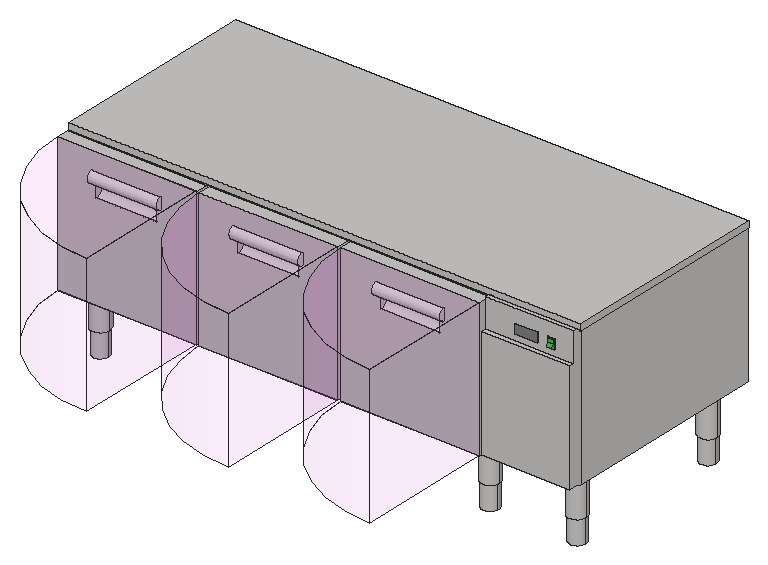
Revit family "QF_ZANUSSI_372293_Z7TTCECOMKN", category Specialty Equipment, Revit 2018
Family settings
  Round Connector Dimension = Use Diameter
  Part Type = Normal
  Work Plane-Based = No
  Always vertical = Yes
  Cut with Voids When Loaded = No
  Shared = No
  Room Calculation Point = No
Parameters (values of type "Standard")
  Weight = 110.00 kg
  Watts = 0 W
  Volts = 220 V
  URL Manufacturer = "http://www.zanussiprofessional.com"
  URL = "http://www.zanussiprofessional.com"
  Steam Supply Size = 0 mm
  Steam Supply Minimum Pressure = 0.0 Pa
  Steam Supply Maximum Pressure = 0.0 Pa
  Steam Pounds per Hour = 0
  Show Clearance [instance] = yes
  Refrigeration Suction Line Size = 0 mm
  Refrigeration Liquid Line Size = 0 mm
  Refrigerant Compressor Remote = yes
  Manufacturer = "Zanussi"
  Phase = 1
  Model = "Z7TTCECOMKN"
  Length Actual = 1600 mm  # constant formula
  Item Number = "372293"
  Hot Water Size = 0 mm
  Height Actual = 600 mm  # constant formula
  HP = "0.5 HP"
  Gas Size = 0 mm
  Gas KW = 0
  Gas Input Pressure = 0 W
  Direct Waste Size = 12.7 mm
  Description = "REFRIGERATED BASE WITH 3 DOORS 1600MM - R290"
  Depth Actual = 700 mm  # constant formula
  Cycle = 50 Hz
  Condensate Return Size = 0 mm
  Compressed Air Volume = 0.0 L/s
  Compressed Air Size = 0 mm
  Compressed Air Pressure = 0.0 Pa
  Cold Water Size = 0 mm
  Accessory = yes
Reference planes
  plane 1 "Center X": y = -65.55
  plane 2: z = 0
  plane 3 "Centro (Sinistra/Destra)": x = -200
  plane 4: y = -315.05
  plane 5: y = 194.95
  plane 6 "BACK": y = 282.95
  plane 7 "FRONT": y = -414.05
  plane 8: y = -881.83
  plane 9: x = -944
  plane 10: x = 544
  plane 11: y = -369.551
  plane 12: z = 200
  plane 13 "TOP": z = 630
  plane 14 "LEFT": x = -1000
  plane 15 "RIGHT": x = 600
  plane 16: x = 272
Forms (mm)
  Extrusion 1, solid, material "QF_Finishes_Stainless Steel"
    sketch origin (-1022.223, -1524, 200) x (-1, 0, 0) y (0, -1, 0)
      loop
        line (-23.223, -1806.95) -> (-23.223, -1154.449) -> (-1621.223, -1154.449) -> (-1621.223, -1806.95) -> (-23.223, -1806.95)
    from 0 to 430
  Extrusion 2, solid, material "QF_Finishes_Stainless Steel"
    sketch origin (-1022.223, -1524, 200) x (-1, 0, 0) y (0, -1, 0)
      loop
        circle (-1581.223, -1646.95) r 12
    from -10 to 0
  Extrusion 3, solid, material "QF_Finishes_Stainless Steel"
    sketch origin (-599, 0, -5) x (0, 1, 0) y (0, 0, 1)
      loop
        line (-369.551, 635) -> (282.95, 635) -> (282.95, 655) -> (-369.551, 655) -> (-369.551, 635)
    from 1198 to -400
  Extrusion 4, solid, material "QF_Finishes_Stainless Steel"
    sketch origin (599, 0, 0) x (0, 1, 0) y (0, 0, 1)
      loop
        line (-369.551, 629.527) -> (-386.314, 640.994) -> (-397.65, 640.994) -> (-397.65, 549.796) -> (-414.05, 549.796) -> (-414.05, 204.796) -> (-384.714, 204.796) -> (-374.993, 200) -> (-369.551, 200) -> (-369.551, 629.527)
    from 0 to -275
  Extrusion 5, solid, material "QF_Finishes_Black"
    sketch origin (605.8, -397.65, 630.994) x (0, 0, -1) y (1, 0, 0)
      loop
        line (32.198, -86.899) -> (61.199, -86.899) -> (61.199, -64.9) -> (32.198, -64.9) -> (32.198, -86.899)
    from 0 to 1.6
  Extrusion 6, solid, material "QF_Finishes_Grey"
    sketch origin (627, -397.65, 630.994) x (0, 0, -1) y (1, 0, 0)
      loop
        line (32.198, -210.099) -> (61.199, -210.099) -> (61.199, -140.099) -> (32.198, -140.099) -> (32.198, -210.099)
    from 0 to 1.6
  Extrusion 7, solid, material "QF_Finishes_Green"
    sketch origin (540.9, -397.65, 598.796) x (0, 0, -1) y (0, 1, 0)
      loop
        line (2.279, -3.281) -> (14.5, -3.281) -> (25.308, -8.985)
        arc (25.308, -8.985) -> (26.537, -5.394) -> (26.605, -1.6) r 12.221
        line (26.605, -1.6) -> (2.395, -1.6)
        arc (2.395, -1.6) -> (2.308, -2.439) -> (2.279, -3.281) r 12.221
    from -20 to -2
  Extrusion 8, solid, material "QF_Finishes_Handrails and Railings"
    sketch origin (-356.028, -157.946, 1924.198) x (0, 0.885087, 0.465426) y (0, -0.465426, 0.885087)
      loop
        arc (-854.629, -1074.965) -> (-878.641, -1082.427) -> (-871.18, -1106.439) r 17.78
        line (-871.18, -1106.439) -> (-854.629, -1074.965)
    from -93.472 to 121.528
  Extrusion 9, solid, material "QF_Finishes_Stainless Steel"
    sketch origin (-556.053, 285.95, 14.715) x (0, 1, 0) y (0, 0, 1)
      loop
        line (-700, 486.991) -> (-660.001, 486.991) -> (-660.001, 530.285) -> (-678.147, 530.285) -> (-678.147, 511.464)
        arc (-678.147, 511.464) -> (-684.405, 495.059) -> (-700, 486.991) r 24.63
    from 118.753 to 309.354
  Extrusion 10, solid, material "QF_Finishes_Handrails and Railings"
    sketch origin (85.972, -157.946, 1924.198) x (0, 0.885087, 0.465426) y (0, -0.465426, 0.885087)
      loop
        arc (-854.629, -1074.965) -> (-878.641, -1082.427) -> (-871.18, -1106.439) r 17.78
        line (-871.18, -1106.439) -> (-854.629, -1074.965)
    from -89.472 to 121.528
  Extrusion 11, solid, material "QF_Finishes_Stainless Steel"
    sketch origin (-114.053, 285.95, 14.715) x (0, 1, 0) y (0, 0, 1)
      loop
        line (-700, 486.991) -> (-660.001, 486.991) -> (-660.001, 530.285) -> (-678.147, 530.285) -> (-678.147, 511.464)
        arc (-678.147, 511.464) -> (-684.405, 495.059) -> (-700, 486.991) r 24.63
    from 122.753 to 309.354
  Extrusion 12, solid, material "QF_Finishes_Stainless Steel"
    sketch origin (38, -414.05, 0) x (-1, 0, 0) y (0, 0, 1)
      loop
        line (595, 629.2) -> (160.999, 629.2) -> (160.999, 201.587) -> (595, 201.587) -> (595, 629.2)
      loop
        line (153, 629.2) -> (-281, 629.2) -> (-281, 201.587) -> (153, 201.587) -> (153, 629.2)
      loop
        line (475.3, 501.706) -> (475.3, 545) -> (284.699, 545) -> (284.699, 501.706) -> (475.3, 501.706)
      loop
        line (29.3, 501.706) -> (29.3, 545) -> (-157.301, 545) -> (-157.301, 501.706) -> (29.3, 501.706)
      loop
        line (1037, 629.2) -> (602.999, 629.2) -> (602.999, 201.587) -> (1037, 201.587) -> (1037, 629.2)
      loop
        line (917.3, 501.706) -> (917.3, 545) -> (726.699, 545) -> (726.699, 501.706) -> (917.3, 501.706)
    from 0 to 40
  Extrusion 13, solid, material "QF_Finishes_Handrails and Railings"
    sketch origin (-798.028, -157.946, 1924.198) x (0, 0.885087, 0.465426) y (0, -0.465426, 0.885087)
      loop
        arc (-854.629, -1074.965) -> (-878.641, -1082.427) -> (-871.18, -1106.439) r 17.78
        line (-871.18, -1106.439) -> (-854.629, -1074.965)
    from -93.472 to 121.528
  Extrusion 14, solid, material "QF_Finishes_Stainless Steel"
    sketch origin (-998.053, 285.95, 14.715) x (0, 1, 0) y (0, 0, 1)
      loop
        line (-700, 486.991) -> (-660.001, 486.991) -> (-660.001, 530.285) -> (-678.147, 530.285) -> (-678.147, 511.464)
        arc (-678.147, 511.464) -> (-684.405, 495.059) -> (-700, 486.991) r 24.63
    from 118.753 to 309.354
  Extrusion 15, solid, material "QF_Door-Drawer Clearances", visible <- "Show Clearance"
    sketch origin (-915, 437.3, 650) x (0, -1, 0) y (1, 0, 0)
      loop
        line (851.35, 1234) -> (851.35, 800)
        arc (851.35, 800) -> (1154.832, 928.644) -> (1278.963, 1234) r 431.526
        line (1278.963, 1234) -> (851.35, 1234)
      loop
        line (851.35, 792) -> (851.35, 358)
        arc (851.35, 358) -> (1154.832, 486.644) -> (1278.963, 792) r 431.526
        line (1278.963, 792) -> (851.35, 792)
      loop
        line (851.35, 350.001) -> (851.35, -83.999)
        arc (851.35, -83.999) -> (1154.832, 44.645) -> (1278.963, 350.001) r 431.526
        line (1278.963, 350.001) -> (851.35, 350.001)
    from -450 to -20
Lines and regions (mm)
  Split face 1
    outline origin (627, -399.25, 630.994) x (0, 0, -1) y (1, 0, 0)
      loop
        line (37.198, -200.099) -> (52.198, -200.099) -> (52.198, -150.099) -> (37.198, -150.099) -> (37.198, -200.099)
  Split face 2
    outline origin (627, -399.25, 630.994) x (0, 0, -1) y (1, 0, 0)
      loop
        line (59.151, -200.099) -> (59.151, -189.099) -> (54.151, -189.099) -> (54.151, -200.099) -> (59.151, -200.099)
  Split face 3
    outline origin (627, -399.25, 630.994) x (0, 0, -1) y (1, 0, 0)
      loop
        line (54.151, -187.099) -> (59.151, -187.099) -> (59.151, -176.099) -> (54.151, -176.099) -> (54.151, -187.099)
  Split face 4
    outline origin (640, -399.25, 630.994) x (0, 0, -1) y (1, 0, 0)
      loop
        line (54.151, -187.099) -> (59.151, -187.099) -> (59.151, -176.099) -> (54.151, -176.099) -> (54.151, -187.099)
  Split face 5
    outline origin (653, -399.25, 630.994) x (0, 0, -1) y (1, 0, 0)
      loop
        line (54.151, -187.099) -> (59.151, -187.099) -> (59.151, -176.099) -> (54.151, -176.099) -> (54.151, -187.099)
  Split face 6
    outline origin (304.5, -414.05, 713.499) x (1, 0, 0) y (0, 0, 1)
      loop
        arc (90.48, -282.599) -> (94.5, -278.61) -> (90.5, -274.599) r 4
        line (90.5, -274.599) -> (58.5, -274.599)
        arc (58.5, -274.599) -> (54.5, -278.61) -> (58.521, -282.599) r 4
        line (58.521, -282.599) -> (90.48, -282.599)
  Split face 7
    outline origin (304.5, -414.05, 725.499) x (1, 0, 0) y (0, 0, 1)
      loop
        arc (90.48, -282.599) -> (94.5, -278.61) -> (90.5, -274.599) r 4
        line (90.5, -274.599) -> (58.5, -274.599)
        arc (58.5, -274.599) -> (54.5, -278.61) -> (58.521, -282.599) r 4
        line (58.521, -282.599) -> (90.48, -282.599)
  Split face 8
    outline origin (304.5, -414.05, 737.499) x (1, 0, 0) y (0, 0, 1)
      loop
        arc (90.48, -282.599) -> (94.5, -278.61) -> (90.5, -274.599) r 4
        line (90.5, -274.599) -> (58.5, -274.599)
        arc (58.5, -274.599) -> (54.5, -278.61) -> (58.521, -282.599) r 4
        line (58.521, -282.599) -> (90.48, -282.599)
  Split face 9
    outline origin (304.5, -414.05, 749.396) x (1, 0, 0) y (0, 0, 1)
      loop
        arc (90.48, -282.599) -> (94.5, -278.61) -> (90.5, -274.599) r 4
        line (90.5, -274.599) -> (58.5, -274.599)
        arc (58.5, -274.599) -> (54.5, -278.61) -> (58.521, -282.599) r 4
        line (58.521, -282.599) -> (90.48, -282.599)
  Split face 10
    outline origin (304.5, -414.05, 761.395) x (1, 0, 0) y (0, 0, 1)
      loop
        arc (90.48, -282.599) -> (94.5, -278.61) -> (90.5, -274.599) r 4
        line (90.5, -274.599) -> (58.5, -274.599)
        arc (58.5, -274.599) -> (54.5, -278.61) -> (58.521, -282.599) r 4
        line (58.521, -282.599) -> (90.48, -282.599)
  Split face 11
    outline origin (304.5, -414.05, 773.395) x (1, 0, 0) y (0, 0, 1)
      loop
        arc (90.48, -282.599) -> (94.5, -278.61) -> (90.5, -274.599) r 4
        line (90.5, -274.599) -> (58.5, -274.599)
        arc (58.5, -274.599) -> (54.5, -278.61) -> (58.521, -282.599) r 4
        line (58.521, -282.599) -> (90.48, -282.599)
  Split face 12
    outline origin (304.5, -414.05, 785.395) x (1, 0, 0) y (0, 0, 1)
      loop
        arc (90.48, -282.599) -> (94.5, -278.61) -> (90.5, -274.599) r 4
        line (90.5, -274.599) -> (58.5, -274.599)
        arc (58.5, -274.599) -> (54.5, -278.61) -> (58.521, -282.599) r 4
        line (58.521, -282.599) -> (90.48, -282.599)
  Split face 13
    outline origin (304.5, -414.05, 797.395) x (1, 0, 0) y (0, 0, 1)
      loop
        arc (90.48, -282.599) -> (94.5, -278.61) -> (90.5, -274.599) r 4
        line (90.5, -274.599) -> (58.5, -274.599)
        arc (58.5, -274.599) -> (54.5, -278.61) -> (58.521, -282.599) r 4
        line (58.521, -282.599) -> (90.48, -282.599)
  Split face 14
    outline origin (304.5, -414.05, 809.395) x (1, 0, 0) y (0, 0, 1)
      loop
        arc (90.48, -282.599) -> (94.5, -278.61) -> (90.5, -274.599) r 4
        line (90.5, -274.599) -> (58.5, -274.599)
        arc (58.5, -274.599) -> (54.5, -278.61) -> (58.521, -282.599) r 4
        line (58.521, -282.599) -> (90.48, -282.599)
  Split face 15
    outline origin (304.5, -414.05, 701.499) x (1, 0, 0) y (0, 0, 1)
      loop
        arc (90.48, -282.599) -> (94.5, -278.61) -> (90.5, -274.599) r 4
        line (90.5, -274.599) -> (58.5, -274.599)
        arc (58.5, -274.599) -> (54.5, -278.61) -> (58.521, -282.599) r 4
        line (58.521, -282.599) -> (90.48, -282.599)
  Split face 16
    outline origin (304.5, -414.05, 605.603) x (1, 0, 0) y (0, 0, 1)
      loop
        arc (90.48, -282.599) -> (94.5, -278.61) -> (90.5, -274.599) r 4
        line (90.5, -274.599) -> (58.5, -274.599)
        arc (58.5, -274.599) -> (54.5, -278.61) -> (58.521, -282.599) r 4
        line (58.521, -282.599) -> (90.48, -282.599)
  Split face 17
    outline origin (304.5, -414.05, 617.603) x (1, 0, 0) y (0, 0, 1)
      loop
        arc (90.48, -282.599) -> (94.5, -278.61) -> (90.5, -274.599) r 4
        line (90.5, -274.599) -> (58.5, -274.599)
        arc (58.5, -274.599) -> (54.5, -278.61) -> (58.521, -282.599) r 4
        line (58.521, -282.599) -> (90.48, -282.599)
  Split face 18
    outline origin (304.5, -414.05, 629.602) x (1, 0, 0) y (0, 0, 1)
      loop
        arc (90.48, -282.599) -> (94.5, -278.61) -> (90.5, -274.599) r 4
        line (90.5, -274.599) -> (58.5, -274.599)
        arc (58.5, -274.599) -> (54.5, -278.61) -> (58.521, -282.599) r 4
        line (58.521, -282.599) -> (90.48, -282.599)
  Split face 19
    outline origin (304.5, -414.05, 677.499) x (1, 0, 0) y (0, 0, 1)
      loop
        arc (90.48, -282.599) -> (94.5, -278.61) -> (90.5, -274.599) r 4
        line (90.5, -274.599) -> (58.5, -274.599)
        arc (58.5, -274.599) -> (54.5, -278.61) -> (58.521, -282.599) r 4
        line (58.521, -282.599) -> (90.48, -282.599)
  Split face 20
    outline origin (304.5, -414.05, 689.499) x (1, 0, 0) y (0, 0, 1)
      loop
        arc (90.48, -282.599) -> (94.5, -278.61) -> (90.5, -274.599) r 4
        line (90.5, -274.599) -> (58.5, -274.599)
        arc (58.5, -274.599) -> (54.5, -278.61) -> (58.521, -282.599) r 4
        line (58.521, -282.599) -> (90.48, -282.599)
  Split face 21
    outline origin (304.5, -414.05, 593.603) x (1, 0, 0) y (0, 0, 1)
      loop
        arc (90.48, -282.599) -> (94.5, -278.61) -> (90.5, -274.599) r 4
        line (90.5, -274.599) -> (58.5, -274.599)
        arc (58.5, -274.599) -> (54.5, -278.61) -> (58.521, -282.599) r 4
        line (58.521, -282.599) -> (90.48, -282.599)
  Split face 22
    outline origin (304.5, -414.05, 497.707) x (1, 0, 0) y (0, 0, 1)
      loop
        arc (90.48, -282.599) -> (94.5, -278.61) -> (90.5, -274.599) r 4
        line (90.5, -274.599) -> (58.5, -274.599)
        arc (58.5, -274.599) -> (54.5, -278.61) -> (58.521, -282.599) r 4
        line (58.521, -282.599) -> (90.48, -282.599)
  Split face 23
    outline origin (304.5, -414.05, 509.707) x (1, 0, 0) y (0, 0, 1)
      loop
        arc (90.48, -282.599) -> (94.5, -278.61) -> (90.5, -274.599) r 4
        line (90.5, -274.599) -> (58.5, -274.599)
        arc (58.5, -274.599) -> (54.5, -278.61) -> (58.521, -282.599) r 4
        line (58.521, -282.599) -> (90.48, -282.599)
  Split face 24
    outline origin (304.5, -414.05, 521.706) x (1, 0, 0) y (0, 0, 1)
      loop
        arc (90.48, -282.599) -> (94.5, -278.61) -> (90.5, -274.599) r 4
        line (90.5, -274.599) -> (58.5, -274.599)
        arc (58.5, -274.599) -> (54.5, -278.61) -> (58.521, -282.599) r 4
        line (58.521, -282.599) -> (90.48, -282.599)
  Split face 25
    outline origin (304.5, -414.05, 533.604) x (1, 0, 0) y (0, 0, 1)
      loop
        arc (90.48, -282.599) -> (94.5, -278.61) -> (90.5, -274.599) r 4
        line (90.5, -274.599) -> (58.5, -274.599)
        arc (58.5, -274.599) -> (54.5, -278.61) -> (58.521, -282.599) r 4
        line (58.521, -282.599) -> (90.48, -282.599)
  Split face 26
    outline origin (304.5, -414.05, 545.603) x (1, 0, 0) y (0, 0, 1)
      loop
        arc (90.48, -282.599) -> (94.5, -278.61) -> (90.5, -274.599) r 4
        line (90.5, -274.599) -> (58.5, -274.599)
        arc (58.5, -274.599) -> (54.5, -278.61) -> (58.521, -282.599) r 4
        line (58.521, -282.599) -> (90.48, -282.599)
  Split face 27
    outline origin (304.5, -414.05, 557.603) x (1, 0, 0) y (0, 0, 1)
      loop
        arc (90.48, -282.599) -> (94.5, -278.61) -> (90.5, -274.599) r 4
        line (90.5, -274.599) -> (58.5, -274.599)
        arc (58.5, -274.599) -> (54.5, -278.61) -> (58.521, -282.599) r 4
        line (58.521, -282.599) -> (90.48, -282.599)
  Split face 28
    outline origin (304.5, -414.05, 569.603) x (1, 0, 0) y (0, 0, 1)
      loop
        arc (90.48, -282.599) -> (94.5, -278.61) -> (90.5, -274.599) r 4
        line (90.5, -274.599) -> (58.5, -274.599)
        arc (58.5, -274.599) -> (54.5, -278.61) -> (58.521, -282.599) r 4
        line (58.521, -282.599) -> (90.48, -282.599)
  Split face 29
    outline origin (304.5, -414.05, 581.603) x (1, 0, 0) y (0, 0, 1)
      loop
        arc (90.48, -282.599) -> (94.5, -278.61) -> (90.5, -274.599) r 4
        line (90.5, -274.599) -> (58.5, -274.599)
        arc (58.5, -274.599) -> (54.5, -278.61) -> (58.521, -282.599) r 4
        line (58.521, -282.599) -> (90.48, -282.599)
  Split face 30
    outline origin (359.5, -414.05, 713.499) x (1, 0, 0) y (0, 0, 1)
      loop
        arc (90.48, -282.599) -> (94.5, -278.61) -> (90.5, -274.599) r 4
        line (90.5, -274.599) -> (58.5, -274.599)
        arc (58.5, -274.599) -> (54.5, -278.61) -> (58.521, -282.599) r 4
        line (58.521, -282.599) -> (90.48, -282.599)
  Split face 31
    outline origin (359.5, -414.05, 725.499) x (1, 0, 0) y (0, 0, 1)
      loop
        arc (90.48, -282.599) -> (94.5, -278.61) -> (90.5, -274.599) r 4
        line (90.5, -274.599) -> (58.5, -274.599)
        arc (58.5, -274.599) -> (54.5, -278.61) -> (58.521, -282.599) r 4
        line (58.521, -282.599) -> (90.48, -282.599)
  Split face 32
    outline origin (359.5, -414.05, 737.499) x (1, 0, 0) y (0, 0, 1)
      loop
        arc (90.48, -282.599) -> (94.5, -278.61) -> (90.5, -274.599) r 4
        line (90.5, -274.599) -> (58.5, -274.599)
        arc (58.5, -274.599) -> (54.5, -278.61) -> (58.521, -282.599) r 4
        line (58.521, -282.599) -> (90.48, -282.599)
  Split face 33
    outline origin (359.5, -414.05, 749.396) x (1, 0, 0) y (0, 0, 1)
      loop
        arc (90.48, -282.599) -> (94.5, -278.61) -> (90.5, -274.599) r 4
        line (90.5, -274.599) -> (58.5, -274.599)
        arc (58.5, -274.599) -> (54.5, -278.61) -> (58.521, -282.599) r 4
        line (58.521, -282.599) -> (90.48, -282.599)
  Split face 34
    outline origin (359.5, -414.05, 761.395) x (1, 0, 0) y (0, 0, 1)
      loop
        arc (90.48, -282.599) -> (94.5, -278.61) -> (90.5, -274.599) r 4
        line (90.5, -274.599) -> (58.5, -274.599)
        arc (58.5, -274.599) -> (54.5, -278.61) -> (58.521, -282.599) r 4
        line (58.521, -282.599) -> (90.48, -282.599)
  Split face 35
    outline origin (359.5, -414.05, 773.395) x (1, 0, 0) y (0, 0, 1)
      loop
        arc (90.48, -282.599) -> (94.5, -278.61) -> (90.5, -274.599) r 4
        line (90.5, -274.599) -> (58.5, -274.599)
        arc (58.5, -274.599) -> (54.5, -278.61) -> (58.521, -282.599) r 4
        line (58.521, -282.599) -> (90.48, -282.599)
  Split face 36
    outline origin (359.5, -414.05, 785.395) x (1, 0, 0) y (0, 0, 1)
      loop
        arc (90.48, -282.599) -> (94.5, -278.61) -> (90.5, -274.599) r 4
        line (90.5, -274.599) -> (58.5, -274.599)
        arc (58.5, -274.599) -> (54.5, -278.61) -> (58.521, -282.599) r 4
        line (58.521, -282.599) -> (90.48, -282.599)
  Split face 37
    outline origin (359.5, -414.05, 797.395) x (1, 0, 0) y (0, 0, 1)
      loop
        arc (90.48, -282.599) -> (94.5, -278.61) -> (90.5, -274.599) r 4
        line (90.5, -274.599) -> (58.5, -274.599)
        arc (58.5, -274.599) -> (54.5, -278.61) -> (58.521, -282.599) r 4
        line (58.521, -282.599) -> (90.48, -282.599)
  Split face 38
    outline origin (359.5, -414.05, 809.395) x (1, 0, 0) y (0, 0, 1)
      loop
        arc (90.48, -282.599) -> (94.5, -278.61) -> (90.5, -274.599) r 4
        line (90.5, -274.599) -> (58.5, -274.599)
        arc (58.5, -274.599) -> (54.5, -278.61) -> (58.521, -282.599) r 4
        line (58.521, -282.599) -> (90.48, -282.599)
  Split face 39
    outline origin (359.5, -414.05, 701.499) x (1, 0, 0) y (0, 0, 1)
      loop
        arc (90.48, -282.599) -> (94.5, -278.61) -> (90.5, -274.599) r 4
        line (90.5, -274.599) -> (58.5, -274.599)
        arc (58.5, -274.599) -> (54.5, -278.61) -> (58.521, -282.599) r 4
        line (58.521, -282.599) -> (90.48, -282.599)
  Split face 40
    outline origin (359.5, -414.05, 605.603) x (1, 0, 0) y (0, 0, 1)
      loop
        arc (90.48, -282.599) -> (94.5, -278.61) -> (90.5, -274.599) r 4
        line (90.5, -274.599) -> (58.5, -274.599)
        arc (58.5, -274.599) -> (54.5, -278.61) -> (58.521, -282.599) r 4
        line (58.521, -282.599) -> (90.48, -282.599)
  Split face 41
    outline origin (359.5, -414.05, 617.603) x (1, 0, 0) y (0, 0, 1)
      loop
        arc (90.48, -282.599) -> (94.5, -278.61) -> (90.5, -274.599) r 4
        line (90.5, -274.599) -> (58.5, -274.599)
        arc (58.5, -274.599) -> (54.5, -278.61) -> (58.521, -282.599) r 4
        line (58.521, -282.599) -> (90.48, -282.599)
  Split face 42
    outline origin (359.5, -414.05, 629.602) x (1, 0, 0) y (0, 0, 1)
      loop
        arc (90.48, -282.599) -> (94.5, -278.61) -> (90.5, -274.599) r 4
        line (90.5, -274.599) -> (58.5, -274.599)
        arc (58.5, -274.599) -> (54.5, -278.61) -> (58.521, -282.599) r 4
        line (58.521, -282.599) -> (90.48, -282.599)
  Split face 43
    outline origin (359.5, -414.05, 677.499) x (1, 0, 0) y (0, 0, 1)
      loop
        arc (90.48, -282.599) -> (94.5, -278.61) -> (90.5, -274.599) r 4
        line (90.5, -274.599) -> (58.5, -274.599)
        arc (58.5, -274.599) -> (54.5, -278.61) -> (58.521, -282.599) r 4
        line (58.521, -282.599) -> (90.48, -282.599)
  Split face 44
    outline origin (359.5, -414.05, 689.499) x (1, 0, 0) y (0, 0, 1)
      loop
        arc (90.48, -282.599) -> (94.5, -278.61) -> (90.5, -274.599) r 4
        line (90.5, -274.599) -> (58.5, -274.599)
        arc (58.5, -274.599) -> (54.5, -278.61) -> (58.521, -282.599) r 4
        line (58.521, -282.599) -> (90.48, -282.599)
  Split face 45
    outline origin (359.5, -414.05, 593.603) x (1, 0, 0) y (0, 0, 1)
      loop
        arc (90.48, -282.599) -> (94.5, -278.61) -> (90.5, -274.599) r 4
        line (90.5, -274.599) -> (58.5, -274.599)
        arc (58.5, -274.599) -> (54.5, -278.61) -> (58.521, -282.599) r 4
        line (58.521, -282.599) -> (90.48, -282.599)
  Split face 46
    outline origin (359.5, -414.05, 497.707) x (1, 0, 0) y (0, 0, 1)
      loop
        arc (90.48, -282.599) -> (94.5, -278.61) -> (90.5, -274.599) r 4
        line (90.5, -274.599) -> (58.5, -274.599)
        arc (58.5, -274.599) -> (54.5, -278.61) -> (58.521, -282.599) r 4
        line (58.521, -282.599) -> (90.48, -282.599)
  Split face 47
    outline origin (359.5, -414.05, 509.707) x (1, 0, 0) y (0, 0, 1)
      loop
        arc (90.48, -282.599) -> (94.5, -278.61) -> (90.5, -274.599) r 4
        line (90.5, -274.599) -> (58.5, -274.599)
        arc (58.5, -274.599) -> (54.5, -278.61) -> (58.521, -282.599) r 4
        line (58.521, -282.599) -> (90.48, -282.599)
  Split face 48
    outline origin (359.5, -414.05, 521.706) x (1, 0, 0) y (0, 0, 1)
      loop
        arc (90.48, -282.599) -> (94.5, -278.61) -> (90.5, -274.599) r 4
        line (90.5, -274.599) -> (58.5, -274.599)
        arc (58.5, -274.599) -> (54.5, -278.61) -> (58.521, -282.599) r 4
        line (58.521, -282.599) -> (90.48, -282.599)
  Split face 49
    outline origin (359.5, -414.05, 533.604) x (1, 0, 0) y (0, 0, 1)
      loop
        arc (90.48, -282.599) -> (94.5, -278.61) -> (90.5, -274.599) r 4
        line (90.5, -274.599) -> (58.5, -274.599)
        arc (58.5, -274.599) -> (54.5, -278.61) -> (58.521, -282.599) r 4
        line (58.521, -282.599) -> (90.48, -282.599)
  Split face 50
    outline origin (359.5, -414.05, 545.603) x (1, 0, 0) y (0, 0, 1)
      loop
        arc (90.48, -282.599) -> (94.5, -278.61) -> (90.5, -274.599) r 4
        line (90.5, -274.599) -> (58.5, -274.599)
        arc (58.5, -274.599) -> (54.5, -278.61) -> (58.521, -282.599) r 4
        line (58.521, -282.599) -> (90.48, -282.599)
  Split face 51
    outline origin (359.5, -414.05, 557.603) x (1, 0, 0) y (0, 0, 1)
      loop
        arc (90.48, -282.599) -> (94.5, -278.61) -> (90.5, -274.599) r 4
        line (90.5, -274.599) -> (58.5, -274.599)
        arc (58.5, -274.599) -> (54.5, -278.61) -> (58.521, -282.599) r 4
        line (58.521, -282.599) -> (90.48, -282.599)
  Split face 52
    outline origin (359.5, -414.05, 569.603) x (1, 0, 0) y (0, 0, 1)
      loop
        arc (90.48, -282.599) -> (94.5, -278.61) -> (90.5, -274.599) r 4
        line (90.5, -274.599) -> (58.5, -274.599)
        arc (58.5, -274.599) -> (54.5, -278.61) -> (58.521, -282.599) r 4
        line (58.521, -282.599) -> (90.48, -282.599)
  Split face 53
    outline origin (359.5, -414.05, 581.603) x (1, 0, 0) y (0, 0, 1)
      loop
        arc (90.48, -282.599) -> (94.5, -278.61) -> (90.5, -274.599) r 4
        line (90.5, -274.599) -> (58.5, -274.599)
        arc (58.5, -274.599) -> (54.5, -278.61) -> (58.521, -282.599) r 4
        line (58.521, -282.599) -> (90.48, -282.599)
  Split face 54
    outline origin (414.5, -414.05, 713.499) x (1, 0, 0) y (0, 0, 1)
      loop
        arc (90.48, -282.599) -> (94.5, -278.61) -> (90.5, -274.599) r 4
        line (90.5, -274.599) -> (58.5, -274.599)
        arc (58.5, -274.599) -> (54.5, -278.61) -> (58.521, -282.599) r 4
        line (58.521, -282.599) -> (90.48, -282.599)
  Split face 55
    outline origin (414.5, -414.05, 725.499) x (1, 0, 0) y (0, 0, 1)
      loop
        arc (90.48, -282.599) -> (94.5, -278.61) -> (90.5, -274.599) r 4
        line (90.5, -274.599) -> (58.5, -274.599)
        arc (58.5, -274.599) -> (54.5, -278.61) -> (58.521, -282.599) r 4
        line (58.521, -282.599) -> (90.48, -282.599)
  Split face 56
    outline origin (414.5, -414.05, 737.499) x (1, 0, 0) y (0, 0, 1)
      loop
        arc (90.48, -282.599) -> (94.5, -278.61) -> (90.5, -274.599) r 4
        line (90.5, -274.599) -> (58.5, -274.599)
        arc (58.5, -274.599) -> (54.5, -278.61) -> (58.521, -282.599) r 4
        line (58.521, -282.599) -> (90.48, -282.599)
  Split face 57
    outline origin (414.5, -414.05, 749.396) x (1, 0, 0) y (0, 0, 1)
      loop
        arc (90.48, -282.599) -> (94.5, -278.61) -> (90.5, -274.599) r 4
        line (90.5, -274.599) -> (58.5, -274.599)
        arc (58.5, -274.599) -> (54.5, -278.61) -> (58.521, -282.599) r 4
        line (58.521, -282.599) -> (90.48, -282.599)
  Split face 58
    outline origin (414.5, -414.05, 761.395) x (1, 0, 0) y (0, 0, 1)
      loop
        arc (90.48, -282.599) -> (94.5, -278.61) -> (90.5, -274.599) r 4
        line (90.5, -274.599) -> (58.5, -274.599)
        arc (58.5, -274.599) -> (54.5, -278.61) -> (58.521, -282.599) r 4
        line (58.521, -282.599) -> (90.48, -282.599)
  Split face 59
    outline origin (414.5, -414.05, 773.395) x (1, 0, 0) y (0, 0, 1)
      loop
        arc (90.48, -282.599) -> (94.5, -278.61) -> (90.5, -274.599) r 4
        line (90.5, -274.599) -> (58.5, -274.599)
        arc (58.5, -274.599) -> (54.5, -278.61) -> (58.521, -282.599) r 4
        line (58.521, -282.599) -> (90.48, -282.599)
  Split face 60
    outline origin (414.5, -414.05, 785.395) x (1, 0, 0) y (0, 0, 1)
      loop
        arc (90.48, -282.599) -> (94.5, -278.61) -> (90.5, -274.599) r 4
        line (90.5, -274.599) -> (58.5, -274.599)
        arc (58.5, -274.599) -> (54.5, -278.61) -> (58.521, -282.599) r 4
        line (58.521, -282.599) -> (90.48, -282.599)
  Split face 61
    outline origin (414.5, -414.05, 797.395) x (1, 0, 0) y (0, 0, 1)
      loop
        arc (90.48, -282.599) -> (94.5, -278.61) -> (90.5, -274.599) r 4
        line (90.5, -274.599) -> (58.5, -274.599)
        arc (58.5, -274.599) -> (54.5, -278.61) -> (58.521, -282.599) r 4
        line (58.521, -282.599) -> (90.48, -282.599)
  Split face 62
    outline origin (414.5, -414.05, 809.395) x (1, 0, 0) y (0, 0, 1)
      loop
        arc (90.48, -282.599) -> (94.5, -278.61) -> (90.5, -274.599) r 4
        line (90.5, -274.599) -> (58.5, -274.599)
        arc (58.5, -274.599) -> (54.5, -278.61) -> (58.521, -282.599) r 4
        line (58.521, -282.599) -> (90.48, -282.599)
  Split face 63
    outline origin (414.5, -414.05, 701.499) x (1, 0, 0) y (0, 0, 1)
      loop
        arc (90.48, -282.599) -> (94.5, -278.61) -> (90.5, -274.599) r 4
        line (90.5, -274.599) -> (58.5, -274.599)
        arc (58.5, -274.599) -> (54.5, -278.61) -> (58.521, -282.599) r 4
        line (58.521, -282.599) -> (90.48, -282.599)
  Split face 64
    outline origin (414.5, -414.05, 605.603) x (1, 0, 0) y (0, 0, 1)
      loop
        arc (90.48, -282.599) -> (94.5, -278.61) -> (90.5, -274.599) r 4
        line (90.5, -274.599) -> (58.5, -274.599)
        arc (58.5, -274.599) -> (54.5, -278.61) -> (58.521, -282.599) r 4
        line (58.521, -282.599) -> (90.48, -282.599)
  Split face 65
    outline origin (414.5, -414.05, 617.603) x (1, 0, 0) y (0, 0, 1)
      loop
        arc (90.48, -282.599) -> (94.5, -278.61) -> (90.5, -274.599) r 4
        line (90.5, -274.599) -> (58.5, -274.599)
        arc (58.5, -274.599) -> (54.5, -278.61) -> (58.521, -282.599) r 4
        line (58.521, -282.599) -> (90.48, -282.599)
  Split face 66
    outline origin (414.5, -414.05, 629.602) x (1, 0, 0) y (0, 0, 1)
      loop
        arc (90.48, -282.599) -> (94.5, -278.61) -> (90.5, -274.599) r 4
        line (90.5, -274.599) -> (58.5, -274.599)
        arc (58.5, -274.599) -> (54.5, -278.61) -> (58.521, -282.599) r 4
        line (58.521, -282.599) -> (90.48, -282.599)
  Split face 67
    outline origin (414.5, -414.05, 677.499) x (1, 0, 0) y (0, 0, 1)
      loop
        arc (90.48, -282.599) -> (94.5, -278.61) -> (90.5, -274.599) r 4
        line (90.5, -274.599) -> (58.5, -274.599)
        arc (58.5, -274.599) -> (54.5, -278.61) -> (58.521, -282.599) r 4
        line (58.521, -282.599) -> (90.48, -282.599)
  Split face 68
    outline origin (414.5, -414.05, 689.499) x (1, 0, 0) y (0, 0, 1)
      loop
        arc (90.48, -282.599) -> (94.5, -278.61) -> (90.5, -274.599) r 4
        line (90.5, -274.599) -> (58.5, -274.599)
        arc (58.5, -274.599) -> (54.5, -278.61) -> (58.521, -282.599) r 4
        line (58.521, -282.599) -> (90.48, -282.599)
  Split face 69
    outline origin (414.5, -414.05, 593.603) x (1, 0, 0) y (0, 0, 1)
      loop
        arc (90.48, -282.599) -> (94.5, -278.61) -> (90.5, -274.599) r 4
        line (90.5, -274.599) -> (58.5, -274.599)
        arc (58.5, -274.599) -> (54.5, -278.61) -> (58.521, -282.599) r 4
        line (58.521, -282.599) -> (90.48, -282.599)
  Split face 70
    outline origin (414.5, -414.05, 497.707) x (1, 0, 0) y (0, 0, 1)
      loop
        arc (90.48, -282.599) -> (94.5, -278.61) -> (90.5, -274.599) r 4
        line (90.5, -274.599) -> (58.5, -274.599)
        arc (58.5, -274.599) -> (54.5, -278.61) -> (58.521, -282.599) r 4
        line (58.521, -282.599) -> (90.48, -282.599)
  Split face 71
    outline origin (414.5, -414.05, 509.707) x (1, 0, 0) y (0, 0, 1)
      loop
        arc (90.48, -282.599) -> (94.5, -278.61) -> (90.5, -274.599) r 4
        line (90.5, -274.599) -> (58.5, -274.599)
        arc (58.5, -274.599) -> (54.5, -278.61) -> (58.521, -282.599) r 4
        line (58.521, -282.599) -> (90.48, -282.599)
  Split face 72
    outline origin (414.5, -414.05, 521.706) x (1, 0, 0) y (0, 0, 1)
      loop
        arc (90.48, -282.599) -> (94.5, -278.61) -> (90.5, -274.599) r 4
        line (90.5, -274.599) -> (58.5, -274.599)
        arc (58.5, -274.599) -> (54.5, -278.61) -> (58.521, -282.599) r 4
        line (58.521, -282.599) -> (90.48, -282.599)
  Split face 73
    outline origin (414.5, -414.05, 533.604) x (1, 0, 0) y (0, 0, 1)
      loop
        arc (90.48, -282.599) -> (94.5, -278.61) -> (90.5, -274.599) r 4
        line (90.5, -274.599) -> (58.5, -274.599)
        arc (58.5, -274.599) -> (54.5, -278.61) -> (58.521, -282.599) r 4
        line (58.521, -282.599) -> (90.48, -282.599)
  Split face 74
    outline origin (414.5, -414.05, 545.603) x (1, 0, 0) y (0, 0, 1)
      loop
        arc (90.48, -282.599) -> (94.5, -278.61) -> (90.5, -274.599) r 4
        line (90.5, -274.599) -> (58.5, -274.599)
        arc (58.5, -274.599) -> (54.5, -278.61) -> (58.521, -282.599) r 4
        line (58.521, -282.599) -> (90.48, -282.599)
  Split face 75
    outline origin (414.5, -414.05, 557.603) x (1, 0, 0) y (0, 0, 1)
      loop
        arc (90.48, -282.599) -> (94.5, -278.61) -> (90.5, -274.599) r 4
        line (90.5, -274.599) -> (58.5, -274.599)
        arc (58.5, -274.599) -> (54.5, -278.61) -> (58.521, -282.599) r 4
        line (58.521, -282.599) -> (90.48, -282.599)
  Split face 76
    outline origin (414.5, -414.05, 569.603) x (1, 0, 0) y (0, 0, 1)
      loop
        arc (90.48, -282.599) -> (94.5, -278.61) -> (90.5, -274.599) r 4
        line (90.5, -274.599) -> (58.5, -274.599)
        arc (58.5, -274.599) -> (54.5, -278.61) -> (58.521, -282.599) r 4
        line (58.521, -282.599) -> (90.48, -282.599)
  Split face 77
    outline origin (414.5, -414.05, 581.603) x (1, 0, 0) y (0, 0, 1)
      loop
        arc (90.48, -282.599) -> (94.5, -278.61) -> (90.5, -274.599) r 4
        line (90.5, -274.599) -> (58.5, -274.599)
        arc (58.5, -274.599) -> (54.5, -278.61) -> (58.521, -282.599) r 4
        line (58.521, -282.599) -> (90.48, -282.599)
  Split face 78
    outline origin (507.5, -414.05, 713.499) x (1, 0, 0) y (0, 0, 1)
      loop
        arc (52.48, -282.599) -> (56.5, -278.61) -> (52.5, -274.599) r 4
        line (52.5, -274.599) -> (20.5, -274.599)
        arc (20.5, -274.599) -> (16.5, -278.61) -> (20.521, -282.599) r 4
        line (20.521, -282.599) -> (52.48, -282.599)
  Split face 79
    outline origin (507.5, -414.05, 725.499) x (1, 0, 0) y (0, 0, 1)
      loop
        arc (52.48, -282.599) -> (56.5, -278.61) -> (52.5, -274.599) r 4
        line (52.5, -274.599) -> (20.5, -274.599)
        arc (20.5, -274.599) -> (16.5, -278.61) -> (20.521, -282.599) r 4
        line (20.521, -282.599) -> (52.48, -282.599)
  Split face 80
    outline origin (507.5, -414.05, 737.499) x (1, 0, 0) y (0, 0, 1)
      loop
        arc (52.48, -282.599) -> (56.5, -278.61) -> (52.5, -274.599) r 4
        line (52.5, -274.599) -> (20.5, -274.599)
        arc (20.5, -274.599) -> (16.5, -278.61) -> (20.521, -282.599) r 4
        line (20.521, -282.599) -> (52.48, -282.599)
  Split face 81
    outline origin (507.5, -414.05, 749.396) x (1, 0, 0) y (0, 0, 1)
      loop
        arc (52.48, -282.599) -> (56.5, -278.61) -> (52.5, -274.599) r 4
        line (52.5, -274.599) -> (20.5, -274.599)
        arc (20.5, -274.599) -> (16.5, -278.61) -> (20.521, -282.599) r 4
        line (20.521, -282.599) -> (52.48, -282.599)
  Split face 82
    outline origin (507.5, -414.05, 761.395) x (1, 0, 0) y (0, 0, 1)
      loop
        arc (52.48, -282.599) -> (56.5, -278.61) -> (52.5, -274.599) r 4
        line (52.5, -274.599) -> (20.5, -274.599)
        arc (20.5, -274.599) -> (16.5, -278.61) -> (20.521, -282.599) r 4
        line (20.521, -282.599) -> (52.48, -282.599)
  Split face 83
    outline origin (507.5, -414.05, 773.395) x (1, 0, 0) y (0, 0, 1)
      loop
        arc (52.48, -282.599) -> (56.5, -278.61) -> (52.5, -274.599) r 4
        line (52.5, -274.599) -> (20.5, -274.599)
        arc (20.5, -274.599) -> (16.5, -278.61) -> (20.521, -282.599) r 4
        line (20.521, -282.599) -> (52.48, -282.599)
  Split face 84
    outline origin (507.5, -414.05, 785.395) x (1, 0, 0) y (0, 0, 1)
      loop
        arc (52.48, -282.599) -> (56.5, -278.61) -> (52.5, -274.599) r 4
        line (52.5, -274.599) -> (20.5, -274.599)
        arc (20.5, -274.599) -> (16.5, -278.61) -> (20.521, -282.599) r 4
        line (20.521, -282.599) -> (52.48, -282.599)
  Split face 85
    outline origin (507.5, -414.05, 797.395) x (1, 0, 0) y (0, 0, 1)
      loop
        arc (52.48, -282.599) -> (56.5, -278.61) -> (52.5, -274.599) r 4
        line (52.5, -274.599) -> (20.5, -274.599)
        arc (20.5, -274.599) -> (16.5, -278.61) -> (20.521, -282.599) r 4
        line (20.521, -282.599) -> (52.48, -282.599)
  Split face 86
    outline origin (507.5, -414.05, 809.395) x (1, 0, 0) y (0, 0, 1)
      loop
        arc (52.48, -282.599) -> (56.5, -278.61) -> (52.5, -274.599) r 4
        line (52.5, -274.599) -> (20.5, -274.599)
        arc (20.5, -274.599) -> (16.5, -278.61) -> (20.521, -282.599) r 4
        line (20.521, -282.599) -> (52.48, -282.599)
  Split face 87
    outline origin (507.5, -414.05, 701.499) x (1, 0, 0) y (0, 0, 1)
      loop
        arc (52.48, -282.599) -> (56.5, -278.61) -> (52.5, -274.599) r 4
        line (52.5, -274.599) -> (20.5, -274.599)
        arc (20.5, -274.599) -> (16.5, -278.61) -> (20.521, -282.599) r 4
        line (20.521, -282.599) -> (52.48, -282.599)
  Split face 88
    outline origin (507.5, -414.05, 605.603) x (1, 0, 0) y (0, 0, 1)
      loop
        arc (52.48, -282.599) -> (56.5, -278.61) -> (52.5, -274.599) r 4
        line (52.5, -274.599) -> (20.5, -274.599)
        arc (20.5, -274.599) -> (16.5, -278.61) -> (20.521, -282.599) r 4
        line (20.521, -282.599) -> (52.48, -282.599)
  Split face 89
    outline origin (507.5, -414.05, 617.603) x (1, 0, 0) y (0, 0, 1)
      loop
        arc (52.48, -282.599) -> (56.5, -278.61) -> (52.5, -274.599) r 4
        line (52.5, -274.599) -> (20.5, -274.599)
        arc (20.5, -274.599) -> (16.5, -278.61) -> (20.521, -282.599) r 4
        line (20.521, -282.599) -> (52.48, -282.599)
  Split face 90
    outline origin (507.5, -414.05, 629.602) x (1, 0, 0) y (0, 0, 1)
      loop
        arc (52.48, -282.599) -> (56.5, -278.61) -> (52.5, -274.599) r 4
        line (52.5, -274.599) -> (20.5, -274.599)
        arc (20.5, -274.599) -> (16.5, -278.61) -> (20.521, -282.599) r 4
        line (20.521, -282.599) -> (52.48, -282.599)
  Split face 91
    outline origin (507.5, -414.05, 677.499) x (1, 0, 0) y (0, 0, 1)
      loop
        arc (52.48, -282.599) -> (56.5, -278.61) -> (52.5, -274.599) r 4
        line (52.5, -274.599) -> (20.5, -274.599)
        arc (20.5, -274.599) -> (16.5, -278.61) -> (20.521, -282.599) r 4
        line (20.521, -282.599) -> (52.48, -282.599)
  Split face 92
    outline origin (507.5, -414.05, 689.499) x (1, 0, 0) y (0, 0, 1)
      loop
        arc (52.48, -282.599) -> (56.5, -278.61) -> (52.5, -274.599) r 4
        line (52.5, -274.599) -> (20.5, -274.599)
        arc (20.5, -274.599) -> (16.5, -278.61) -> (20.521, -282.599) r 4
        line (20.521, -282.599) -> (52.48, -282.599)
  Split face 93
    outline origin (507.5, -414.05, 593.603) x (1, 0, 0) y (0, 0, 1)
      loop
        arc (52.48, -282.599) -> (56.5, -278.61) -> (52.5, -274.599) r 4
        line (52.5, -274.599) -> (20.5, -274.599)
        arc (20.5, -274.599) -> (16.5, -278.61) -> (20.521, -282.599) r 4
        line (20.521, -282.599) -> (52.48, -282.599)
  Split face 94
    outline origin (507.5, -414.05, 497.707) x (1, 0, 0) y (0, 0, 1)
      loop
        arc (52.48, -282.599) -> (56.5, -278.61) -> (52.5, -274.599) r 4
        line (52.5, -274.599) -> (20.5, -274.599)
        arc (20.5, -274.599) -> (16.5, -278.61) -> (20.521, -282.599) r 4
        line (20.521, -282.599) -> (52.48, -282.599)
  Split face 95
    outline origin (507.5, -414.05, 509.707) x (1, 0, 0) y (0, 0, 1)
      loop
        arc (52.48, -282.599) -> (56.5, -278.61) -> (52.5, -274.599) r 4
        line (52.5, -274.599) -> (20.5, -274.599)
        arc (20.5, -274.599) -> (16.5, -278.61) -> (20.521, -282.599) r 4
        line (20.521, -282.599) -> (52.48, -282.599)
  Split face 96
    outline origin (507.5, -414.05, 521.706) x (1, 0, 0) y (0, 0, 1)
      loop
        arc (52.48, -282.599) -> (56.5, -278.61) -> (52.5, -274.599) r 4
        line (52.5, -274.599) -> (20.5, -274.599)
        arc (20.5, -274.599) -> (16.5, -278.61) -> (20.521, -282.599) r 4
        line (20.521, -282.599) -> (52.48, -282.599)
  Split face 97
    outline origin (507.5, -414.05, 533.604) x (1, 0, 0) y (0, 0, 1)
      loop
        arc (52.48, -282.599) -> (56.5, -278.61) -> (52.5, -274.599) r 4
        line (52.5, -274.599) -> (20.5, -274.599)
        arc (20.5, -274.599) -> (16.5, -278.61) -> (20.521, -282.599) r 4
        line (20.521, -282.599) -> (52.48, -282.599)
  Split face 98
    outline origin (507.5, -414.05, 545.603) x (1, 0, 0) y (0, 0, 1)
      loop
        arc (52.48, -282.599) -> (56.5, -278.61) -> (52.5, -274.599) r 4
        line (52.5, -274.599) -> (20.5, -274.599)
        arc (20.5, -274.599) -> (16.5, -278.61) -> (20.521, -282.599) r 4
        line (20.521, -282.599) -> (52.48, -282.599)
  Split face 99
    outline origin (507.5, -414.05, 557.603) x (1, 0, 0) y (0, 0, 1)
      loop
        arc (52.48, -282.599) -> (56.5, -278.61) -> (52.5, -274.599) r 4
        line (52.5, -274.599) -> (20.5, -274.599)
        arc (20.5, -274.599) -> (16.5, -278.61) -> (20.521, -282.599) r 4
        line (20.521, -282.599) -> (52.48, -282.599)
  Split face 100
    outline origin (507.5, -414.05, 569.603) x (1, 0, 0) y (0, 0, 1)
      loop
        arc (52.48, -282.599) -> (56.5, -278.61) -> (52.5, -274.599) r 4
        line (52.5, -274.599) -> (20.5, -274.599)
        arc (20.5, -274.599) -> (16.5, -278.61) -> (20.521, -282.599) r 4
        line (20.521, -282.599) -> (52.48, -282.599)
  Split face 101
    outline origin (507.5, -414.05, 581.603) x (1, 0, 0) y (0, 0, 1)
      loop
        arc (52.48, -282.599) -> (56.5, -278.61) -> (52.5, -274.599) r 4
        line (52.5, -274.599) -> (20.5, -274.599)
        arc (20.5, -274.599) -> (16.5, -278.61) -> (20.521, -282.599) r 4
        line (20.521, -282.599) -> (52.48, -282.599)
  symbolic lines, style "SpecialityEquipment"
    curve 1: line (-999, -369.551, 630) -> (-999, 282.95, 630)
    curve 2: line (599, 282.95, 630) -> (599, -369.551, 630)
    curve 3: line (599, 282.95, 630) -> (-999, 282.95, 630)
    curve 4: line (-999, -369.551, 630) -> (599, -369.551, 630)
    curve 5: line (599, -369.551, 630) -> (599, -414.05, 630)
    curve 6: line (599, -414.05, 630) -> (324, -414.05, 630)
    curve 7: line (324, -369.551, 630) -> (324, -414.05, 630)
    curve 8: line (324, -397.65, 630) -> (599, -397.65, 630)
    curve 9: line (538.9, -406.635, 630) -> (538.9, -399.25, 630)
    curve 10: line (520.901, -406.635, 630) -> (538.9, -406.635, 630)
    curve 11: line (520.901, -399.25, 630) -> (520.901, -406.635, 630)
    curve 12: line (518.901, -399.25, 630) -> (540.9, -399.25, 630)
    curve 13: line (416.901, -399.25, 630) -> (486.901, -399.25, 630)
    curve 14: line (324, -374.993, 630) -> (599, -374.993, 630)
    curve 15: line (599, -386.314, 630) -> (324, -386.314, 630)
    curve 16: line (319, -374.05, 630) -> (-115, -374.05, 630)
    curve 17: line (319, -414.05, 630) -> (319, -374.05, 630)
    curve 18: line (-115, -374.05, 630) -> (-115, -414.05, 630)
    curve 19: line (-122.999, -414.05, 630) -> (-122.999, -374.05, 630)
    curve 20: line (-3.5, -414.05, 630) -> (-3.5, -431.83, 630)
    curve 21: line (207.5, -431.83, 630) -> (207.5, -414.05, 630)
    curve 22: line (-234.5, -431.83, 630) -> (-234.5, -414.05, 630)
    curve 23: line (-557, -374.05, 630) -> (-557, -414.05, 630)
    curve 24: line (-557, -414.05, 630) -> (-122.999, -414.05, 630)
    curve 25: line (-115, -414.05, 630) -> (319, -414.05, 630)
    curve 26: line (518.901, -397.65, 630) -> (518.901, -399.25, 630)
    curve 27: line (540.9, -397.65, 630) -> (540.9, -399.25, 630)
    curve 28: line (-449.5, -431.83, 630) -> (-234.5, -431.83, 630)
    curve 29: line (-3.5, -431.83, 630) -> (207.5, -431.83, 630)
    curve 30: line (416.901, -399.25, 630) -> (416.901, -397.65, 630)
    curve 31: line (486.901, -399.25, 630) -> (486.901, -397.65, 630)
    curve 34: line (-564.999, -414.05, 630) -> (-564.999, -374.05, 630)
    curve 35: line (-676.5, -431.83, 630) -> (-676.5, -414.05, 630)
    curve 36: line (-999, -374.05, 630) -> (-999, -414.05, 630)
    curve 37: line (-999, -414.05, 630) -> (-564.999, -414.05, 630)
    curve 38: line (-891.5, -431.83, 630) -> (-676.5, -431.83, 630)
  symbolic lines
    curve 32: line (-449.5, -431.83, 0) -> (-449.5, -414.05, 0)
    curve 33: line (-122.999, -374.05, 630) -> (-557, -374.05, 630)
    curve 39: line (-891.5, -431.83, 0) -> (-891.5, -414.05, 0)
    curve 40: line (-564.999, -374.05, 630) -> (-999, -374.05, 630)
  symbolic lines, style "QF_Door-Drawer Clearances"
    curve 41: line (-123, -841.663, 0) -> (-123, -414.05, 0)
    curve 42: arc (-557, -414.05, 0) -> (-428.356, -717.533, 0) -> (-123, -841.663, 0) r 431.526
    curve 43: arc (-115, -414.05, 0) -> (13.644, -717.533, 0) -> (319, -841.663, 0) r 431.526
    curve 44: line (319, -841.663, 0) -> (319, -414.05, 0)
    curve 45: line (-564.999, -841.663, 0) -> (-564.999, -414.05, 0)
    curve 46: arc (-998.999, -414.05, 0) -> (-870.355, -717.533, 0) -> (-564.999, -841.663, 0) r 431.526
Dimensions and locks
  plane 6 "BACK" to plane 7 "FRONT" = 697 mm
  equal spacing: plane 6 "BACK", plane 1 "Center X", plane 7 "FRONT"
  plane 12 to level = 200 mm
  plane 13 "TOP" to level = 630 mm
  plane 13 "TOP" to plane 12 = 430 mm
  plane 6 "BACK" to Extrusion 2 sketch curve = 160 mm
  plane 14 "LEFT" to plane 15 "RIGHT" = 1600 mm
  equal spacing: plane 14 "LEFT", plane 3 "Centro (Sinistra/Destra)", plane 15 "RIGHT"
  locked: plane 14 "LEFT" to Extrusion 3 at 1
  aligned and locked: level to plane 2
Automatic sketch dimensions
  plane 10 to Extrusion 2 sketch curve = 15 mm
  Extrusion 3 sketch curve to plane 11 = 0 mm
  Extrusion 3 sketch curve to plane 6 "BACK" = 0 mm
  Extrusion 3 sketch curve to plane 13 "TOP" = 0 mm
  plane 13 "TOP" to Extrusion 3 sketch curve = 20 mm
  Extrusion 4 sketch curve to plane 7 "FRONT" = 0 mm
  Extrusion 4 sketch curve to plane 12 = 0 mm
  Extrusion 4 sketch curve to plane 11 = 0 mm
  plane 7 "FRONT" to Extrusion 4 sketch curve = 16.4 mm
  Extrusion 4 sketch curve to Extrusion 4 sketch curve = 11.336 mm
  plane 12 to Extrusion 4 sketch curve = 4.796 mm
  Extrusion 4 sketch curve to plane 11 = 15.163 mm
  Extrusion 4 sketch curve to plane 11 = 5.442 mm
  Extrusion 4 sketch curve to plane 13 "TOP" = 80.204 mm
  Extrusion 4 sketch curve to plane 13 "TOP" = 0.473 mm
  plane 13 "TOP" to Extrusion 4 sketch curve = 10.994 mm
  Extrusion 4 to Extrusion 5 sketch curve = 42.198 mm
  Extrusion 5 sketch curve to Extrusion 4 = 20 mm
  Extrusion 4 to Extrusion 5 sketch curve = 80.099 mm
  Extrusion 5 sketch curve to Extrusion 5 sketch curve = 22 mm
  Extrusion 4 to Extrusion 6 sketch curve = 42.198 mm
  Extrusion 6 sketch curve to Extrusion 4 = 20 mm
  Extrusion 4 to Extrusion 6 sketch curve = 92.901 mm
  Extrusion 6 sketch curve to Extrusion 6 sketch curve = 70 mm
  Split face 1 sketch curve to Extrusion 6 = 5 mm
  Split face 1 sketch curve to Extrusion 6 = 9 mm
  Split face 1 sketch curve to Extrusion 6 = 10 mm  (x2)
  Split face 2 sketch curve to Extrusion 6 = 7.047 mm
  Split face 2 sketch curve to Extrusion 6 = 2.047 mm
  Split face 2 sketch curve to Extrusion 6 = 10 mm
  Split face 2 sketch curve to Split face 2 sketch curve = 11 mm
  Split face 3 sketch curve to Extrusion 6 = 7.047 mm
  Split face 3 sketch curve to Extrusion 6 = 2.047 mm
  Split face 3 sketch curve to Extrusion 6 = 23 mm
  Split face 3 sketch curve to Split face 3 sketch curve = 11 mm
  Split face 4 sketch curve to Extrusion 6 = 7.047 mm
  Split face 4 sketch curve to Extrusion 6 = 2.047 mm
  Split face 4 sketch curve to Extrusion 6 = 34 mm
  Split face 4 sketch curve to Split face 4 sketch curve = 11 mm
  Split face 5 sketch curve to Extrusion 6 = 7.047 mm
  Split face 5 sketch curve to Extrusion 6 = 2.047 mm
  Split face 5 sketch curve to Extrusion 6 = 21 mm
  Split face 5 sketch curve to Extrusion 6 = 10 mm
  Extrusion 7 sketch curve to Extrusion 7 sketch curve = 0 mm  (x3)
  Extrusion 7 sketch curve to Extrusion 5 = 0 mm
  Extrusion 5 to Extrusion 7 sketch curve = 2.279 mm
  Extrusion 7 sketch curve to Extrusion 7 sketch curve = 0.116 mm
  Extrusion 7 sketch curve to Extrusion 7 sketch curve = 12.105 mm
  Extrusion 5 to Extrusion 7 sketch curve = 3.692 mm
  Extrusion 5 to Extrusion 7 sketch curve = 2.395 mm
  Split face 6 sketch curve to Extrusion 4 = 39 mm
  Split face 6 sketch curve to Split face 6 sketch curve = 0.02 mm  (x2)
  Split face 6 sketch curve to Split face 6 sketch curve = 31.959 mm
  Split face 6 sketch curve to Extrusion 4 = 118.896 mm
  Split face 6 sketch curve to Split face 6 sketch curve = 4 mm
  Split face 7 sketch curve to Extrusion 4 = 39 mm
  Split face 7 sketch curve to Split face 7 sketch curve = 0.02 mm  (x2)
  Split face 7 sketch curve to Split face 7 sketch curve = 31.959 mm
  Split face 7 sketch curve to Extrusion 4 = 106.896 mm
  Split face 7 sketch curve to Split face 7 sketch curve = 4 mm
  Split face 8 sketch curve to Extrusion 4 = 39 mm
  Split face 8 sketch curve to Split face 8 sketch curve = 0.02 mm  (x2)
  Split face 8 sketch curve to Split face 8 sketch curve = 31.959 mm
  Split face 8 sketch curve to Extrusion 4 = 94.897 mm
  Split face 8 sketch curve to Split face 8 sketch curve = 4 mm
  Split face 9 sketch curve to Extrusion 4 = 39 mm
  Split face 9 sketch curve to Split face 9 sketch curve = 0.02 mm  (x2)
  Split face 9 sketch curve to Split face 9 sketch curve = 31.959 mm
  Split face 9 sketch curve to Extrusion 4 = 82.999 mm
  Split face 9 sketch curve to Split face 9 sketch curve = 4 mm
  Split face 10 sketch curve to Extrusion 4 = 39 mm
  Split face 10 sketch curve to Split face 10 sketch curve = 0.02 mm  (x2)
  Split face 10 sketch curve to Split face 10 sketch curve = 31.959 mm
  Split face 10 sketch curve to Extrusion 4 = 71 mm
  Split face 10 sketch curve to Split face 10 sketch curve = 4 mm
  Split face 11 sketch curve to Extrusion 4 = 39 mm
  Split face 11 sketch curve to Split face 11 sketch curve = 0.02 mm  (x2)
  Split face 11 sketch curve to Split face 11 sketch curve = 31.959 mm
  Split face 11 sketch curve to Extrusion 4 = 59 mm
  Split face 11 sketch curve to Split face 11 sketch curve = 4 mm
  Split face 12 sketch curve to Extrusion 4 = 39 mm
  Split face 12 sketch curve to Split face 12 sketch curve = 0.02 mm  (x2)
  Split face 12 sketch curve to Split face 12 sketch curve = 31.959 mm
  Split face 12 sketch curve to Extrusion 4 = 47 mm
  Split face 12 sketch curve to Split face 12 sketch curve = 4 mm
  Split face 13 sketch curve to Extrusion 4 = 39 mm
  Split face 13 sketch curve to Split face 13 sketch curve = 0.02 mm  (x2)
  Split face 13 sketch curve to Split face 13 sketch curve = 31.959 mm
  Split face 13 sketch curve to Extrusion 4 = 35 mm
  Split face 13 sketch curve to Split face 13 sketch curve = 4 mm
  Split face 14 sketch curve to Extrusion 4 = 39 mm
  Split face 14 sketch curve to Split face 14 sketch curve = 0.02 mm  (x2)
  Split face 14 sketch curve to Split face 14 sketch curve = 31.959 mm
  Split face 14 sketch curve to Extrusion 4 = 23 mm
  Split face 14 sketch curve to Split face 14 sketch curve = 4 mm
  Split face 15 sketch curve to Extrusion 4 = 39 mm
  Split face 15 sketch curve to Split face 15 sketch curve = 0.02 mm  (x2)
  Split face 15 sketch curve to Split face 15 sketch curve = 31.959 mm
  Split face 15 sketch curve to Extrusion 4 = 130.896 mm
  Split face 15 sketch curve to Split face 15 sketch curve = 4 mm
  Extrusion 8 sketch curve to plane 7 "FRONT" = 0 mm  (x3)
  Extrusion 8 sketch curve to plane 13 "TOP" = 90.566 mm
  Extrusion 8 sketch curve to Extrusion 8 sketch curve = 8.275 mm
  Extrusion 9 sketch curve to plane 7 "FRONT" = 0 mm
  Extrusion 9 sketch curve to plane 7 "FRONT" = 2.777 mm
  plane 7 "FRONT" to Extrusion 9 sketch curve = 21.853 mm
  Extrusion 9 sketch curve to plane 11 = 4.5 mm
  Extrusion 9 sketch curve to plane 13 "TOP" = 128.294 mm
  Extrusion 9 sketch curve to Extrusion 9 sketch curve = 18.821 mm
  Extrusion 10 sketch curve to plane 7 "FRONT" = 0 mm  (x3)
  Extrusion 10 sketch curve to plane 13 "TOP" = 90.566 mm
  Extrusion 10 sketch curve to Extrusion 10 sketch curve = 8.275 mm
  Extrusion 11 sketch curve to plane 7 "FRONT" = 0 mm
  Extrusion 11 sketch curve to plane 7 "FRONT" = 2.777 mm
  plane 7 "FRONT" to Extrusion 11 sketch curve = 21.853 mm
  Extrusion 11 sketch curve to plane 11 = 4.5 mm
  Extrusion 11 sketch curve to plane 13 "TOP" = 128.294 mm
  Extrusion 11 sketch curve to Extrusion 11 sketch curve = 18.821 mm
  Split face 16 sketch curve to Extrusion 4 = 39 mm
  Split face 16 sketch curve to Split face 16 sketch curve = 0.02 mm  (x2)
  Split face 16 sketch curve to Split face 16 sketch curve = 31.959 mm
  Split face 16 sketch curve to Extrusion 4 = 118.208 mm
  Split face 16 sketch curve to Split face 16 sketch curve = 4 mm
  Split face 17 sketch curve to Extrusion 4 = 39 mm
  Split face 17 sketch curve to Split face 17 sketch curve = 0.02 mm  (x2)
  Split face 17 sketch curve to Split face 17 sketch curve = 31.959 mm
  Split face 17 sketch curve to Extrusion 4 = 130.208 mm
  Split face 17 sketch curve to Split face 17 sketch curve = 4 mm
  Split face 18 sketch curve to Extrusion 4 = 39 mm
  Split face 18 sketch curve to Split face 18 sketch curve = 0.02 mm  (x2)
  Split face 18 sketch curve to Split face 18 sketch curve = 31.959 mm
  Split face 18 sketch curve to Extrusion 4 = 142.208 mm
  Split face 18 sketch curve to Split face 18 sketch curve = 4 mm
  Split face 19 sketch curve to Extrusion 4 = 39 mm
  Split face 19 sketch curve to Split face 19 sketch curve = 0.02 mm  (x2)
  Split face 19 sketch curve to Split face 19 sketch curve = 31.959 mm
  Split face 19 sketch curve to Extrusion 4 = 154.896 mm
  Split face 19 sketch curve to Split face 19 sketch curve = 4 mm
  Split face 20 sketch curve to Extrusion 4 = 39 mm
  Split face 20 sketch curve to Split face 20 sketch curve = 0.02 mm  (x2)
  Split face 20 sketch curve to Split face 20 sketch curve = 31.959 mm
  Split face 20 sketch curve to Extrusion 4 = 142.896 mm
  Split face 20 sketch curve to Split face 20 sketch curve = 4 mm
  Split face 21 sketch curve to Extrusion 4 = 39 mm
  Split face 21 sketch curve to Split face 21 sketch curve = 0.02 mm  (x2)
  Split face 21 sketch curve to Split face 21 sketch curve = 31.959 mm
  Split face 21 sketch curve to Extrusion 4 = 106.208 mm
  Split face 21 sketch curve to Split face 21 sketch curve = 4 mm
  Split face 22 sketch curve to Extrusion 4 = 14.312 mm
  Split face 22 sketch curve to Extrusion 4 = 39 mm
  Split face 22 sketch curve to Split face 22 sketch curve = 0.02 mm  (x2)
  Split face 22 sketch curve to Extrusion 4 = 10.312 mm
  Split face 22 sketch curve to Split face 22 sketch curve = 31.959 mm
  Split face 23 sketch curve to Extrusion 4 = 39 mm
  Split face 23 sketch curve to Split face 23 sketch curve = 0.02 mm  (x2)
  Split face 23 sketch curve to Split face 23 sketch curve = 31.959 mm
  Split face 23 sketch curve to Extrusion 4 = 22.312 mm
  Split face 23 sketch curve to Split face 23 sketch curve = 4 mm
  Split face 24 sketch curve to Extrusion 4 = 39 mm
  Split face 24 sketch curve to Split face 24 sketch curve = 0.02 mm  (x2)
  Split face 24 sketch curve to Split face 24 sketch curve = 31.959 mm
  Split face 24 sketch curve to Extrusion 4 = 34.312 mm
  Split face 24 sketch curve to Split face 24 sketch curve = 4 mm
  Split face 25 sketch curve to Extrusion 4 = 39 mm
  Split face 25 sketch curve to Split face 25 sketch curve = 0.02 mm  (x2)
  Split face 25 sketch curve to Split face 25 sketch curve = 31.959 mm
  Split face 25 sketch curve to Extrusion 4 = 46.209 mm
  Split face 25 sketch curve to Split face 25 sketch curve = 4 mm
  Split face 26 sketch curve to Extrusion 4 = 39 mm
  Split face 26 sketch curve to Split face 26 sketch curve = 0.02 mm  (x2)
  Split face 26 sketch curve to Split face 26 sketch curve = 31.959 mm
  Split face 26 sketch curve to Extrusion 4 = 58.208 mm
  Split face 26 sketch curve to Split face 26 sketch curve = 4 mm
  Split face 27 sketch curve to Extrusion 4 = 39 mm
  Split face 27 sketch curve to Split face 27 sketch curve = 0.02 mm  (x2)
  Split face 27 sketch curve to Split face 27 sketch curve = 31.959 mm
  Split face 27 sketch curve to Extrusion 4 = 70.208 mm
  Split face 27 sketch curve to Split face 27 sketch curve = 4 mm
  Split face 28 sketch curve to Extrusion 4 = 39 mm
  Split face 28 sketch curve to Split face 28 sketch curve = 0.02 mm  (x2)
  Split face 28 sketch curve to Split face 28 sketch curve = 31.959 mm
  Split face 28 sketch curve to Extrusion 4 = 82.208 mm
  Split face 28 sketch curve to Split face 28 sketch curve = 4 mm
  Split face 29 sketch curve to Extrusion 4 = 39 mm
  Split face 29 sketch curve to Split face 29 sketch curve = 0.02 mm  (x2)
